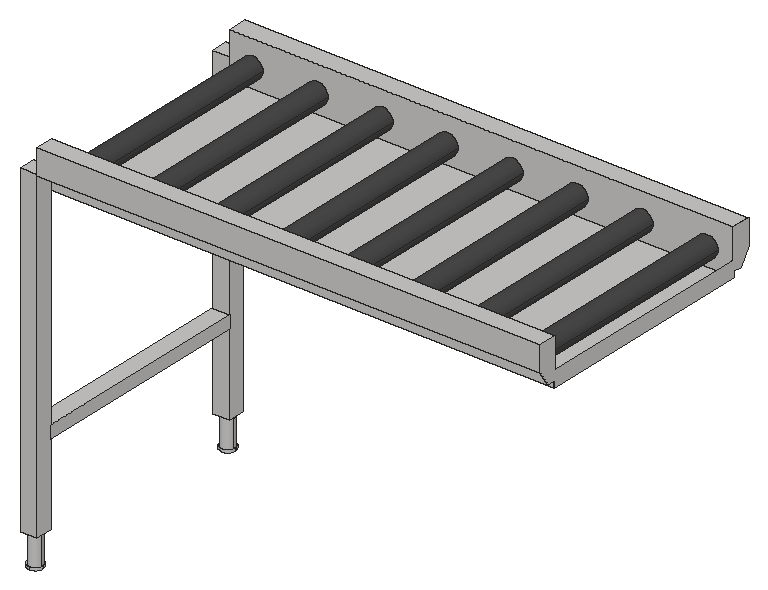
Revit family "QF_ELECTROLUXPROFESSIONAL_863026_HSLRC12", category Specialty Equipment, Revit 2018
Family settings
  Round Connector Dimension = Use Diameter
  Part Type = Normal
  Work Plane-Based = No
  Always vertical = Yes
  Cut with Voids When Loaded = No
  Shared = No
  Room Calculation Point = No
Parameters
  Weight = 0.00 kg
  Watts = 0 W
  Volts = 0 V
  URL Manufacturer = "http://professional.electrolux.com/"
  URL = "http://professional.electrolux.com/"
  Steam Supply Size = 0 mm
  Steam Supply Minimum Pressure = 0.0 Pa
  Steam Supply Maximum Pressure = 0.0 Pa
  Steam Pounds per Hour = 0
  Refrigeration Suction Line Size = 0 mm
  Refrigeration Liquid Line Size = 0 mm
  Refrigerant Compressor Remote = yes
  Manufacturer = "Electrolux"
  Phase = 0
  Model = "HSLRC12"
  Length Actual = 1200 mm  # constant formula
  Item Number = "863026"
  Hot Water Size = 0 mm
  Height Actual = 910 mm  # constant formula
  HP = "0 HP"
  Gas Size = 0 mm
  Gas KW = 0
  Gas Input Pressure = 0 W
  Description = "CONVEYOR, LONG ROLLERS, L=1200 MM"
  Depth Actual = 620 mm  # constant formula
  Cycle = 0 Hz
  Condensate Return Size = 0 mm
  Compressed Air Volume = 0.0 L/s
  Compressed Air Size = 0 mm
  Compressed Air Pressure = 0.0 Pa
  Cold Water Size = 0 mm
  Accessory = yes
Reference planes
  plane 1 "Centro (Fronte/Retro)": y = 74.737
  plane 2: z = 0
  plane 3 "LEFT": x = -1038.761
  plane 4 "BACK": y = 384.737
  plane 5 "FRONT": y = -235.263
  plane 6: z = 910
  plane 7 "RIGHT": x = 161.239
  plane 8: x = -408.761
Forms (mm)
  Extrusion 1, solid, material "QF_Finishes_Stainless Steel"
    sketch origin (0, 74.737, 0) x (1, 0, 0) y (0, 0, 1)
      loop
        line (-1079.929, 300) -> (-1079.929, 270) -> (-1039.929, 270) -> (-1039.929, 300) -> (-1079.929, 300)
    from -266.504 to 266.46
  Extrusion 2, solid, material "QF_Finishes_Stainless Steel"
    sketch origin (11.239, 0, 0) x (0, 1, 0) y (0, 0, 1)
      loop
        line (-235.263, 910) -> (-235.263, 850.033) -> (-190.242, 850.033) -> (-190.242, 910) -> (-235.263, 910)
      loop
        line (384.737, 910) -> (339.716, 910) -> (339.716, 850.033) -> (384.737, 850.033) -> (384.737, 910)
    from -1050 to 148.8
  Extrusion 3, solid, material "QF_Finishes_Stainless Steel"
    sketch origin (11.239, 0, 0) x (0, 1, 0) y (0, 0, 1)
      loop
        line (-191.727, 850.033) -> (-191.727, 800.081) -> (341.245, 800.081) -> (341.245, 850.033) -> (339.716, 850.033) -> (339.716, 803.081) -> (-190.242, 803.081) -> (-190.242, 850.033) -> (-191.727, 850.033)
    from -1050 to 148.8
  Extrusion 4, solid, material "QF_Finishes_Black"
    sketch origin (0, 74.737, 0) x (1, 0, 0) y (0, 0, -1)
      loop
        circle (-980.637, -850.115) r 25
      loop
        circle (-825.815, -850.115) r 25
      loop
        circle (-670.994, -850.115) r 25
      loop
        circle (103.115, -850.115) r 25
      loop
        circle (-516.172, -850.115) r 25
      loop
        circle (-361.35, -850.115) r 25
      loop
        circle (-206.528, -850.115) r 25
      loop
        circle (-51.707, -850.115) r 25
    from -260.534 to 260.534
  Extrusion 5, solid, material "QF_Finishes_Stainless Steel"
    sketch origin (1661.239, 723.253, 4000) x (0, 1, 0) y (0, 0, 1)
      loop
        line (-958.516, -3090) -> (-958.516, -3149.967) -> (-934.752, -3185.632) -> (-915.4, -3185.632) -> (-915.4, -3199.919) -> (-381.633, -3199.919) -> (-381.633, -3185.632) -> (-362.281, -3185.632) -> (-338.516, -3149.967) -> (-338.516, -3090) -> (-383.538, -3090) -> (-383.538, -3161.926) -> (-913.495, -3161.926) -> (-913.495, -3090) -> (-958.516, -3090)
    from -1500 to -1501.2
  Revolve 6, solid, material "QF_Finishes_Stainless Steel"
    sketch origin (-439.404, 0, 0) x (0, 1, 0) y (0, 0, 1)
      loop
        line (74.737, 800.081) -> (12.53, 800.081) -> (12.319, 797.4) -> (12.319, 785.476) -> (17.293, 785.476) -> (17.293, 781.772)
        arc (17.293, 781.772) -> (20.266, 773.808) -> (27.77, 769.813) r 11.998
        line (27.77, 769.813) -> (74.737, 764.085) -> (74.737, 800.081)
      axis (74.737, 764.085) -> (74.737, 800.081)
    angle from 0 to 360
  Revolve 7, solid, material "QF_Finishes_Stainless Steel"
    sketch origin (-409.404, -1524, 744.096) x (0, 0, 1) y (0, -1, 0)
      loop
        line (13.017, -1619.713) -> (30, -1619.713) -> (30, -1598.737) -> (0, -1598.737) -> (0, -1619.713) -> (2.434, -1622.253) -> (10.477, -1622.253) -> (13.017, -1619.713)
      axis (0, -1598.737) -> (30, -1598.737)
    angle from 0 to 360
Cuts and joins
  joined: Extrusion 2, Extrusion 3
Lines and regions (mm)
  Split face 1
    outline origin (608.239, 339.716, 803.081) x (-1, 0, 0) y (0, -1, 0)
      loop
        circle (1047, 264.904) r 3.016
  Split face 2
    outline origin (608.239, 339.716, 803.081) x (-1, 0, 0) y (0, -1, 0)
      loop
        circle (1047, 264.904) r 52.991
  Split face 3
    outline origin (608.239, 339.716, 803.081) x (-1, 0, 0) y (0, -1, 0)
      loop
        circle (1047, 264.904) r 36.015
  Split face 4
    outline origin (608.239, 339.716, 803.081) x (-1, 0, 0) y (0, -1, 0)
      loop
        circle (1047, 264.904) r 26.027
  Split face 5
    outline origin (608.239, 339.716, 803.081) x (-1, 0, 0) y (0, -1, 0)
      loop
        circle (1047, 264.904) r 9.056
  Masking region 1
    outline origin (0, 0, 0) x (1, 0, 0) y (0, 1, 0)
      loop
        line (-1038.761, 384.737) -> (-1038.761, -235.263) -> (161.239, -235.263) -> (161.239, 384.737) -> (-1038.761, 384.737)
  symbolic lines
    curve 1: line (161.239, 384.737, 0) -> (-1038.761, 384.737, 0)
    curve 2: line (-1038.761, 384.737, 0) -> (-1038.761, -235.263, 0)
    curve 3: line (-1038.761, 339.716, 0) -> (161.239, 339.716, 0)
    curve 4: line (-1038.761, -235.263, 0) -> (161.239, -235.263, 0)
    curve 5: line (161.239, -235.263, 0) -> (161.239, 384.737, 0)
    curve 6: line (161.239, -190.242, 0) -> (-1038.761, -190.242, 0)
    curve 7: line (-955.637, 335.271, 0) -> (-1005.637, 335.271, 0)
    curve 8: line (-1005.637, 335.271, 0) -> (-1005.637, -185.797, 0)
    curve 9: line (-1005.637, -185.797, 0) -> (-955.637, -185.797, 0)
    curve 10: line (-955.637, -185.797, 0) -> (-955.637, 335.271, 0)
    curve 11: line (-800.815, 335.271, 0) -> (-850.815, 335.271, 0)
    curve 12: line (-850.815, 335.271, 0) -> (-850.815, -185.797, 0)
    curve 13: line (-850.815, -185.797, 0) -> (-800.815, -185.797, 0)
    curve 14: line (-800.815, -185.797, 0) -> (-800.815, 335.271, 0)
    curve 15: line (-645.994, 335.271, 0) -> (-695.994, 335.271, 0)
    curve 16: line (-695.994, 335.271, 0) -> (-695.994, -185.797, 0)
    curve 17: line (-695.994, -185.797, 0) -> (-645.994, -185.797, 0)
    curve 18: line (-645.994, -185.797, 0) -> (-645.994, 335.271, 0)
    curve 19: line (128.115, 335.271, 0) -> (78.115, 335.271, 0)
    curve 20: line (78.115, 335.271, 0) -> (78.115, -185.797, 0)
    curve 21: line (78.115, -185.797, 0) -> (128.115, -185.797, 0)
    curve 22: line (128.115, -185.797, 0) -> (128.115, 335.271, 0)
    curve 23: line (161.239, 74.737, 0) -> (131.239, 74.737, 0)
    curve 24: line (-1038.761, 74.737, 0) -> (-1008.761, 74.737, 0)
    curve 25: arc (-439.404, 137.156, 0) -> (-376.986, 74.737, 0) -> (-439.404, 12.319, 0) r 62.418
    curve 26: arc (-439.404, 12.319, 0) -> (-501.823, 74.737, 0) -> (-439.404, 137.156, 0) r 62.418
    curve 27: arc (-409.404, 95.713, 0) -> (-430.38, 74.737, 0) -> (-409.404, 53.761, 0) r 20.976
    curve 28: arc (-409.404, 53.761, 0) -> (-388.428, 74.737, 0) -> (-409.404, 95.713, 0) r 20.976
    curve 29: line (-491.172, 335.271, 0) -> (-541.172, 335.271, 0)
    curve 30: line (-541.172, 335.271, 0) -> (-541.172, -185.797, 0)
    curve 31: line (-541.172, -185.797, 0) -> (-491.172, -185.797, 0)
    curve 32: line (-491.172, -185.797, 0) -> (-491.172, 335.271, 0)
    curve 33: line (-336.35, 335.271, 0) -> (-386.35, 335.271, 0)
    curve 34: line (-386.35, 335.271, 0) -> (-386.35, -185.797, 0)
    curve 35: line (-386.35, -185.797, 0) -> (-336.35, -185.797, 0)
    curve 36: line (-336.35, -185.797, 0) -> (-336.35, 335.271, 0)
    curve 37: line (-181.528, 335.271, 0) -> (-231.528, 335.271, 0)
    curve 38: line (-231.528, 335.271, 0) -> (-231.528, -185.797, 0)
    curve 39: line (-231.528, -185.797, 0) -> (-181.528, -185.797, 0)
    curve 40: line (-181.528, -185.797, 0) -> (-181.528, 335.271, 0)
    curve 41: line (-26.707, 335.271, 0) -> (-76.707, 335.271, 0)
    curve 42: line (-76.707, 335.271, 0) -> (-76.707, -185.797, 0)
    curve 43: line (-76.707, -185.797, 0) -> (-26.707, -185.797, 0)
    curve 44: line (-26.707, -185.797, 0) -> (-26.707, 335.271, 0)
Dimensions and locks
  plane 3 "LEFT" to plane 7 "RIGHT" = 1200 mm
  equal spacing: plane 4 "BACK", plane 1 "Centro (Fronte/Retro)", plane 5 "FRONT"
  plane 4 "BACK" to plane 5 "FRONT" = 620 mm
  locked: Extrusion 4 sketch curve to plane 3 "LEFT" at 58.124
  locked: plane 7 "RIGHT" to Extrusion 4 sketch curve at 58.124
  aligned and locked: level to plane 2
Automatic sketch dimensions
  Extrusion 1 sketch curve to plane 3 "LEFT" = 41.168 mm
  Extrusion 1 sketch curve to plane 3 "LEFT" = 1.168 mm
  level to Extrusion 1 sketch curve = 270 mm
  Extrusion 1 sketch curve to Extrusion 1 sketch curve = 30 mm
  Extrusion 2 sketch curve to plane 5 "FRONT" = 0 mm
  Extrusion 2 sketch curve to plane 6 = 0 mm  (x2)
  Extrusion 2 sketch curve to plane 4 "BACK" = 0 mm
  plane 5 "FRONT" to Extrusion 2 sketch curve = 45.021 mm
  Extrusion 2 sketch curve to plane 4 "BACK" = 45.021 mm
  Extrusion 2 sketch curve to Extrusion 2 sketch curve = 59.967 mm  (x2)
  plane 5 "FRONT" to Extrusion 3 sketch curve = 43.536 mm
  Extrusion 3 sketch curve to Extrusion 3 sketch curve = 1.486 mm
  Extrusion 3 sketch curve to plane 4 "BACK" = 45.021 mm
  Extrusion 3 sketch curve to Extrusion 3 sketch curve = 1.529 mm
  Extrusion 3 sketch curve to plane 6 = 109.919 mm
  Extrusion 3 sketch curve to Extrusion 3 sketch curve = 3 mm
  Extrusion 3 sketch curve to Extrusion 3 sketch curve = 46.952 mm  (x2)
  Split face 1 sketch curve to cut or joined group of Extrusion 2, Extrusion 3 = 598.8 mm
  cut or joined group of Extrusion 2, Extrusion 3 to Split face 1 sketch curve = 264.904 mm
  Split face 2 sketch curve to cut or joined group of Extrusion 2, Extrusion 3 = 598.8 mm
  cut or joined group of Extrusion 2, Extrusion 3 to Split face 2 sketch curve = 264.904 mm
  Split face 3 sketch curve to cut or joined group of Extrusion 2, Extrusion 3 = 598.8 mm
  cut or joined group of Extrusion 2, Extrusion 3 to Split face 3 sketch curve = 264.904 mm
  Split face 4 sketch curve to cut or joined group of Extrusion 2, Extrusion 3 = 598.8 mm
  cut or joined group of Extrusion 2, Extrusion 3 to Split face 4 sketch curve = 264.904 mm
  Split face 5 sketch curve to cut or joined group of Extrusion 2, Extrusion 3 = 598.8 mm
  cut or joined group of Extrusion 2, Extrusion 3 to Split face 5 sketch curve = 264.904 mm
  Masking region 1 sketch curve to plane 3 "LEFT" = 0 mm
  Masking region 1 sketch curve to plane 5 "FRONT" = 0 mm
  Masking region 1 sketch curve to plane 7 "RIGHT" = 0 mm
  Masking region 1 sketch curve to plane 4 "BACK" = 0 mm
  Extrusion 5 sketch curve to plane 5 "FRONT" = 0 mm
  Extrusion 5 sketch curve to plane 6 = 0 mm  (x2)
  Extrusion 5 sketch curve to plane 4 "BACK" = 0 mm
  plane 5 "FRONT" to Extrusion 5 sketch curve = 23.764 mm
  Extrusion 5 sketch curve to Extrusion 5 sketch curve = 19.352 mm  (x2)
  plane 5 "FRONT" to Extrusion 5 sketch curve = 45.021 mm
  Extrusion 5 sketch curve to plane 4 "BACK" = 45.021 mm
  Extrusion 5 sketch curve to Extrusion 5 sketch curve = 1.905 mm
  Extrusion 5 sketch curve to Extrusion 5 sketch curve = 59.967 mm  (x2)
  Extrusion 5 sketch curve to Extrusion 5 sketch curve = 11.959 mm
  Extrusion 5 sketch curve to Extrusion 5 sketch curve = 23.706 mm  (x2)
  Extrusion 5 sketch curve to Extrusion 5 sketch curve = 14.287 mm
  Revolve 6 sketch curve to plane 1 "Centro (Fronte/Retro)" = 0 mm  (x2)
  plane 1 "Centro (Fronte/Retro)" to Revolve 6 sketch curve = 45.447 mm
  Revolve 6 sketch curve to Revolve 6 sketch curve = 1.52 mm
  Revolve 6 sketch curve to Revolve 6 sketch curve = 11.998 mm
  Revolve 6 sketch curve to Revolve 6 sketch curve = 4.762 mm
  Revolve 6 sketch curve to Revolve 6 sketch curve = 4.974 mm
  Revolve 6 sketch curve to plane 6 = 145.915 mm
  Revolve 6 sketch curve to Revolve 6 sketch curve = 5.727 mm
  Revolve 6 sketch curve to Revolve 6 sketch curve = 11.901 mm
  Revolve 6 sketch curve to Revolve 6 sketch curve = 3.704 mm
  Revolve 6 sketch curve to Revolve 6 sketch curve = 11.924 mm
  Revolve 6 sketch curve to Revolve 6 sketch curve = 2.681 mm
  Revolve 6 sketch curve to Revolve 6 sketch curve = 3 mm
  Revolve 6 sketch curve to Revolve 6 sketch curve = 14.991 mm
  Revolve 7 sketch curve to plane 1 "Centro (Fronte/Retro)" = 0 mm  (x2)
  Revolve 7 sketch curve to plane 1 "Centro (Fronte/Retro)" = 20.976 mm
  Revolve 7 sketch curve to plane 6 = 165.904 mm
  Revolve 7 sketch curve to plane 1 "Centro (Fronte/Retro)" = 23.516 mm
  Revolve 7 sketch curve to Revolve 7 sketch curve = 2.434 mm
  Revolve 7 sketch curve to Revolve 7 sketch curve = 8.043 mm
  Revolve 7 sketch curve to Revolve 7 sketch curve = 2.54 mm  (x2)
  Revolve 7 sketch curve to Revolve 7 sketch curve = 16.983 mm
  Revolve 7 sketch curve to Revolve 7 sketch curve = 3.127 mm
  Revolve 7 sketch curve to Revolve 7 sketch curve = 7.343 mm
  Extrusion 4 sketch curve to plane 6 = 59.885 mm  (x8)
  Extrusion 4 sketch curve to Extrusion 4 sketch curve = 154.822 mm  (x4)
  Extrusion 4 sketch curve to plane 8 = 107.411 mm
  plane 8 to Extrusion 4 sketch curve = 47.411 mm
  curve 25 to curve 26 = 0 mm  (x2)
  curve 27 to curve 28 = 0 mm  (x2)
  plane 1 "Centro (Fronte/Retro)" to curve 24 = 0 mm
  curve 24 to plane 3 "LEFT" = 0 mm
  plane 1 "Centro (Fronte/Retro)" to curve 25 = 0 mm
  plane 1 "Centro (Fronte/Retro)" to curve 28 = 0 mm
  plane 1 "Centro (Fronte/Retro)" to curve 23 = 0 mm
  curve 6 to plane 7 "RIGHT" = 0 mm
  curve 4 to plane 5 "FRONT" = 0 mm
  curve 2 to plane 4 "BACK" = 0 mm
  plane 3 "LEFT" to curve 8 = 33.124 mm
  curve 7 to curve 7 = 50 mm
  plane 5 "FRONT" to curve 13 = 49.466 mm
  curve 9 to curve 13 = 104.822 mm
  curve 11 to curve 11 = 50 mm
  curve 16 to plane 4 "BACK" = 49.466 mm
  curve 11 to curve 16 = 104.822 mm
  curve 15 to curve 18 = 50 mm
  plane 5 "FRONT" to curve 31 = 49.466 mm
  curve 17 to curve 31 = 104.822 mm
  curve 30 to curve 31 = 50 mm
  curve 25 to plane 8 = 30.643 mm
  curve 28 to plane 8 = 0.643 mm
  plane 8 to curve 34 = 22.411 mm
  curve 33 to curve 36 = 50 mm
  plane 5 "FRONT" to curve 38 = 49.466 mm
  curve 35 to curve 38 = 104.822 mm
  curve 37 to curve 37 = 50 mm
  curve 41 to plane 4 "BACK" = 49.466 mm
  curve 37 to curve 41 = 104.822 mm
  curve 41 to curve 41 = 50 mm
  curve 20 to plane 7 "RIGHT" = 83.124 mm
  curve 21 to plane 7 "RIGHT" = 33.124 mm
  plane 5 "FRONT" to curve 43 = 49.466 mm
  plane 5 "FRONT" to curve 21 = 49.466 mm
  plane 5 "FRONT" to curve 36 = 49.466 mm
  plane 5 "FRONT" to curve 8 = 49.466 mm
  plane 5 "FRONT" to curve 16 = 49.466 mm
  curve 19 to plane 4 "BACK" = 49.466 mm
  curve 29 to plane 4 "BACK" = 49.466 mm
  curve 14 to plane 4 "BACK" = 49.466 mm
  curve 33 to plane 4 "BACK" = 49.466 mm
  curve 10 to plane 4 "BACK" = 49.466 mm
  curve 37 to plane 4 "BACK" = 49.466 mm
  plane 3 "LEFT" to curve 24 = 30 mm
  curve 23 to plane 7 "RIGHT" = 30 mm
  curve 6 to curve 21 = 4.445 mm
  plane 1 "Centro (Fronte/Retro)" to curve 25 = 62.418 mm
  plane 1 "Centro (Fronte/Retro)" to curve 27 = 20.976 mm
  curve 19 to curve 3 = 4.445 mm
  radius of Split face 1 sketch curve = 3.016 mm
  radius of Split face 2 sketch curve = 52.991 mm
  radius of Split face 3 sketch curve = 36.015 mm
  radius of Split face 4 sketch curve = 26.027 mm
  radius of Split face 5 sketch curve = 9.056 mm
  radius of Extrusion 4 sketch curve = 25 mm  (x8)
Nested families
  nested 1: "Foot_40x40" at (-1059.929, 361.245, 0), type "Foot_40x40"
    with A 850.033 mm
  nested 2: "Foot_40x40" at (-1059.929, -211.771, 0), type "Foot_40x40"
    with A 850.033 mm
  nested 3: "Foot_40x40" at (-1059.929, 361.288, 0), type "Foot_40x40"
    with A 850.033 mm
Connectors
  piping at (-409.404, 74.737, 744.096), diameter 30
    settings: on Revolve 7, index 4, connector inside diameter 609.6 mm, connector length 0 mm, flow factor 0, pipe flow 0.0 L/s, pressure drop 0.0 Pa, fitting loss kfactor 0, connector angle 0.00°, fixture units 0, engagement length 0 mm, angle of deflection 0.00°, flow configuration 1, flow direction 2, fitting loss method 0, system type 16, joint type 0, gender type 0, connector reference index -1, connector utility 0, adjustable connector no, is connector primary yes, connector description "Drain"
Definition of nested family "Foot_40x40"
  Parameters
    A [instance] = 850 mm
  Reference planes
    plane 1 "Centro (Fronte/Retro)": y = 0
    plane 2: z = 0
    plane 3 "Centro (Sinistra/Destra)": x = 0
    plane 4: z = 850
  Forms (mm)
    Extrusion 1, solid
      sketch origin (0, 0, 0) x (1, 0, 0) y (0, 1, 0)
        loop
          circle (0, 0) r 18
      from 0 to 5
    Extrusion 2, solid
      sketch origin (0, 0, 5) x (1, 0, 0) y (0, 1, 0)
        loop
          circle (0, 0) r 15
      from 0 to 70
    Extrusion 3, solid
      sketch origin (0, 0, 75) x (1, 0, 0) y (0, 1, 0)
        loop
          line (-20, 20) -> (-20, -20) -> (20, -20) -> (20, 20) -> (-20, 20)
      from 0 to 775
  Dimensions and locks
    "A": plane 4 to plane 2
    aligned and locked: level to plane 2
    aligned and locked: plane 4 to Extrusion 3
    aligned and locked: Extrusion 1 to level
  Automatic sketch dimensions
    plane 1 "Centro (Fronte/Retro)" to Extrusion 1 sketch curve = 0 mm
    Extrusion 1 sketch curve to plane 3 "Centro (Sinistra/Destra)" = 0 mm
    Extrusion 3 sketch curve to Extrusion 3 sketch curve = 40 mm  (x2)
    radius of Extrusion 1 sketch curve = 18 mm
    radius of Extrusion 2 sketch curve to Extrusion 1 = 3 mm
